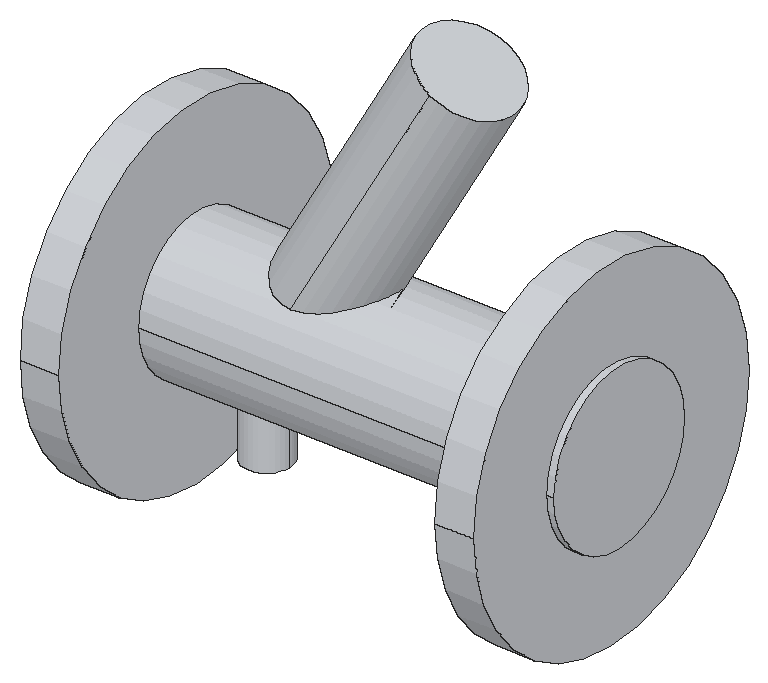
Revit family "HS 821-síto_standard-PN40-DN015-RFA_2018", category Pipe Accessories, Revit 2018
Family settings
  Round Connector Dimension = Use Diameter
  Part Type = Breaks Into
  Work Plane-Based = No
  Always vertical = Yes
  Cut with Voids When Loaded = No
  Shared = No
Parameters (values of type "821F-DN015-PN40-síto_standard")
  magiProductId = "4c7eaf3c4c0340888b3e684d8a8616"
  magiProductFamilyId = "79214ac3aaa945e397802f559f5c1e"
  magiPartTypeId = 307
  isMeasuringValve [instance] = no
  ang2D [instance] = 0.00°
  ZB__ve = -ZB  # -16.25 mm
  ZB1 = 18.225 mm
  ZB = 16.25 mm
  X2 = 46.982 mm
  X1 = 18.2 mm
  W2D = 15 mm
  VersionID = "2.0/2017.9.26.1/ZETKAMA_821_001"
  Use Minimum Symbol Size [instance] = yes
  URL = "www.hydronic.cz"
  Type Comments = "Filtr přírubový; síto standardní; A-PN16 (-10~300°C); D-PN25 (-10~350°C); F-PN40 (-10~400°C)"
  S = 45 mm
  QmdConnectorList = "301;D;302;D"
  Productdata [instance] = ""
  Manufacturer = "Hydronic Systems Prague s.r.o."
  MC Product Code = "240 615 (821F; DN015; PN40; kvs6,3; oko síta 1,00mm)"
  LM1 = 10.4 mm
  LM = 104 mm
  L4 = 32.5 mm
  L2D_Min = 3048 mm
  L2D = 130 mm
  L2 = 65 mm
  HH2 = 81.375 mm
  FD = 95 mm
  Description = "Filtr přírubový; síto standardní; 821A-PN16; 821D-PN25; 821F-PN40"
  DM1 = 27.6 mm
  DM = 40.5 mm
  D = 15 mm
  CC = 2.21 mm
  CAT0 = yes
  C1 = 10.79 mm
  C = 13 mm
  BD = 12.757 mm
Types (40, lengths in mm): name | magiProductId | ZB__ve | ZB1 | ZB | X2 | X1 | S | MC Product Code | LM1 | LM | L4 | L2 | HH2 | FD | DM1 | DM | D | CC | C1 | C | BD
  821A-DN015-PN16-síto_standard | "a71bcfe8b393460598b23e8ddf7dc5" | -16.25 | 18.63 | 16.25 | 46.982 | 18.2 | 46 | "200 115 (821A; DN015; PN16; kvs6,3; oko síta 1,00mm)" | 10.4 | 104 | 32.5 | 65 | 81.375 | 95 | 27.6 | 41.4 | 15 | 2.21 | 10.79 | 13 | 13.041
  821A-DN020-PN16-síto_standard | "41cd6c7a12924f4991217528336076" | -17.75 | 22.68 | 17.75 | 51.673 | 21 | 56 | "200 120 (821A; DN020; PN16; kvs11,2; oko síta 1,00mm)" | 12 | 120 | 37.5 | 75 | 89.5 | 105 | 33.6 | 50.4 | 20 | 2.55 | 12.45 | 15 | 15.876
  821A-DN025-PN16-síto_standard | "be378b463ed14c3abf4c9b3ae8cf3a" | -19.25 | 26.325 | 19.25 | 58.601 | 22.4 | 65 | "200 125 (821A; DN025; PN16; kvs14,7; oko síta 1,00mm)" | 12.8 | 128 | 40 | 80 | 101.5 | 115 | 43.2 | 58.5 | 25 | 2.72 | 13.28 | 16 | 18.427
  821A-DN032-PN16-síto_standard | "227a0d18b21540afabe8b6067d35fa" | -23 | 30.78 | 23 | 68.849 | 25.2 | 76 | "200 132 (821A; DN032; PN16; kvs23,7; oko síta 1,00mm)" | 14.4 | 144 | 45 | 90 | 119.25 | 140 | 50.4 | 68.4 | 32 | 3.06 | 14.94 | 18 | 21.546
  821A-DN040-PN16-síto_standard | "d106917c74724141a10440112d0102" | -24.5 | 34.02 | 24.5 | 75.777 | 28 | 84 | "200 140 (821A; DN040; PN16; kvs37,7; oko síta 1,00mm)" | 16 | 160 | 50 | 100 | 131.25 | 150 | 60 | 75.6 | 40 | 3.4 | 16.6 | 20 | 23.814
  821A-DN050-PN16-síto_standard | "8255d456a09e4f6486734f5dd9171b" | -26.75 | 40.095 | 26.75 | 79.061 | 32.2 | 99 | "200 150 (821A; DN050 PN16; kvs57,9; oko síta 1,00mm)" | 18.4 | 184 | 57.5 | 115 | 136.938 | 165 | 73.8 | 89.1 | 50 | 3.91 | 19.09 | 23 | 28.066
  821A-DN065-PN16-síto_standard | "235b1b3e4c0843779a4d5e3716d40a" | -29.75 | 47.79 | 29.75 | 86.927 | 40.6 | 118 | "200 165 (821A; DN065; PN16; kvs101,5; oko síta 1,25mm)" | 23.2 | 232 | 72.5 | 145 | 150.562 | 185 | 94.2 | 106.2 | 65 | 4.93 | 24.07 | 29 | 33.453
  821A-DN080-PN16-síto_standard | "a067f7c5236348ed8c820d16df7214" | -32 | 53.46 | 32 | 104.753 | 43.4 | 132 | "200 180 (821A; DN080; PN16; kvs147,4; oko síta 1,25mm)" | 24.8 | 248 | 77.5 | 155 | 181.438 | 200 | 107.4 | 118.8 | 80 | 5.27 | 25.73 | 31 | 37.422
  821A-DN100-PN16-síto_standard | "c49a648c2747461285837d643703cd" | -35 | 63.18 | 35 | 114.857 | 49 | 156 | "200 190 (821A; DN100; PN16; kvs209,6; oko síta 1,60mm)" | 28 | 280 | 87.5 | 175 | 198.937 | 220 | 131.4 | 140.4 | 100 | 5.95 | 29.05 | 35 | 44.226
  821A-DN125-PN16-síto_standard | "bf68e728a163493cbd2a663b26ebdc" | -39.5 | 74.52 | 39.5 | 131.888 | 56 | 184 | "200 191 (821A; DN125; PN16; kvs326,2; oko síta 1,60mm)" | 32 | 320 | 100 | 200 | 228.438 | 250 | 165 | 165.6 | 125 | 6.8 | 33.2 | 40 | 52.164
  821A-DN150-PN16-síto_standard | "2de770284b654863ae6bc865769dc5" | -44.75 | 85.455 | 44.75 | 155.885 | 67.2 | 211 | "200 192 (821A; DN150; PN16; kvs403; oko síta 1,60mm)" | 38.4 | 384 | 120 | 240 | 270 | 285 | 192 | 189.9 | 150 | 8.16 | 39.84 | 48 | 59.818
  821A-DN200-PN16-síto_standard | "8e5693371ab64aabb29a7f08c76e15" | -53 | 107.73 | 53 | 188.361 | 84 | 266 | "200 193 (821A; DN200; PN16; kvs707; oko síta 1,60mm)" | 48 | 480 | 150 | 300 | 326.25 | 340 | 252 | 239.4 | 200 | 10.2 | 49.8 | 60 | 75.411
  821A-DN250-PN16-síto_standard | "05e37ed948c34047acdd4c42556504" | -62.75 | 129.195 | 62.75 | 255.911 | 102.2 | 319 | "200 194 (821A; DN250; PN16; kvs1234; oko síta 1,60mm)" | 58.4 | 584 | 182.5 | 365 | 443.25 | 405 | 309.6 | 287.1 | 250 | 12.41 | 60.59 | 73 | 90.436
  821A-DN300-PN16-síto_standard | "9ad0af747269428da925480d83ce80" | -71 | 149.85 | 71 | 325.914 | 119 | 370 | "200 195 (821A; DN300; PN16; kvs1916; oko síta 1,60mm)" | 68 | 680 | 212.5 | 425 | 564.5 | 460 | 369.6 | 333 | 300 | 14.45 | 70.55 | 85 | 104.895
  821A-DN350-PN16-síto_standard | "eebc71459bb3451bb4355e7951370a" | -80 | 173.745 | 80 | 356.875 | 137.2 | 429 | "200 196 (821A; DN350; PN16; kvs2621; oko síta 1,60mm)" | 78.4 | 784 | 245 | 490 | 618.125 | 520 | 438 | 386.1 | 350 | 16.66 | 81.34 | 98 | 121.621
  821A-DN400-PN16-síto_standard | "d2f677cb196647e385b2590e7d8abe" | -89 | 194.4 | 89 | 392.237 | 154 | 480 | "200 197 (821A; DN400; PN16; kvs3460; oko síta 1,60mm)" | 88 | 880 | 275 | 550 | 679.375 | 580 | 498 | 432 | 400 | 18.7 | 91.3 | 110 | 136.08
  821D-DN015-PN25-síto_standard | "27ddcbf555414f8ca1fde329bf9087" | -16.25 | 18.63 | 16.25 | 46.982 | 18.2 | 46 | "200 215 (821D; DN015; PN25; kvs6,3; oko síta 1,00mm)" | 10.4 | 104 | 32.5 | 65 | 81.375 | 95 | 27.6 | 41.4 | 15 | 2.21 | 10.79 | 13 | 13.041
  821D-DN020-PN25-síto_standard | "270e0f14012f47189cd0235c18faee" | -17.75 | 22.68 | 17.75 | 51.673 | 21 | 56 | "200 220 (821D; DN020; PN25; kvs11,2; oko síta 1,00mm)" | 12 | 120 | 37.5 | 75 | 89.5 | 105 | 33.6 | 50.4 | 20 | 2.55 | 12.45 | 15 | 15.876
  821D-DN025-PN25-síto_standard | "b9a7fb4aa36643878c637d8e1ab992" | -19.25 | 26.325 | 19.25 | 58.601 | 22.4 | 65 | "200 225 (821D; DN025; PN25; kvs14,7; oko síta 1,00mm)" | 12.8 | 128 | 40 | 80 | 101.5 | 115 | 43.2 | 58.5 | 25 | 2.72 | 13.28 | 16 | 18.427
  821D-DN032-PN25-síto_standard | "6be9a55c4e68400f94eec7e804204c" | -23 | 30.78 | 23 | 68.849 | 25.2 | 76 | "200 232 (821D; DN032; PN25; kvs23,7; oko síta 1,00mm)" | 14.4 | 144 | 45 | 90 | 119.25 | 140 | 50.4 | 68.4 | 32 | 3.06 | 14.94 | 18 | 21.546
  821D-DN040-PN25-síto_standard | "c54511bd7f584ec2984291479612cb" | -24.5 | 34.02 | 24.5 | 75.777 | 28 | 84 | "200 240 (821D; DN040; PN25; kvs37,7; oko síta 1,00mm)" | 16 | 160 | 50 | 100 | 131.25 | 150 | 60 | 75.6 | 40 | 3.4 | 16.6 | 20 | 23.814
  821D-DN050-PN25-síto_standard | "5483b1f596b04cd39b23a14a22c90e" | -26.75 | 40.095 | 26.75 | 79.061 | 32.2 | 99 | "200 250 (821D; DN050; PN25; kvs57,9; oko síta 1,00mm)" | 18.4 | 184 | 57.5 | 115 | 136.938 | 165 | 73.8 | 89.1 | 50 | 3.91 | 19.09 | 23 | 28.066
  821D-DN065-PN25-síto_standard | "767b0f8318e94750bc7a9930ed5b30" | -29.75 | 47.79 | 29.75 | 86.927 | 40.6 | 118 | "200 265 (821D; DN065; PN25; kvs101,5; oko síta 1,25mm)" | 23.2 | 232 | 72.5 | 145 | 150.562 | 185 | 94.2 | 106.2 | 65 | 4.93 | 24.07 | 29 | 33.453
  821D-DN080-PN25-síto_standard | "e21040fa3cc2404b858198f6b73709" | -32 | 53.46 | 32 | 104.753 | 43.4 | 132 | "200 280 (821D; DN080; PN25; kvs147,4; oko síta 1,25mm)" | 24.8 | 248 | 77.5 | 155 | 181.438 | 200 | 107.4 | 118.8 | 80 | 5.27 | 25.73 | 31 | 37.422
  821D-DN100-PN25-síto_standard | "175ca87a506b40b3bc6b82f12f33cf" | -37.25 | 63.18 | 37.25 | 114.857 | 49 | 156 | "200 290 (821D; DN100; PN25; kvs209,6; oko síta 1,60mm)" | 28 | 280 | 87.5 | 175 | 198.937 | 235 | 131.4 | 140.4 | 100 | 5.95 | 29.05 | 35 | 44.226
  821D-DN125-PN25-síto_standard | "77cc98d60da24855999a22dff726b2" | -42.5 | 74.52 | 42.5 | 131.888 | 56 | 184 | "200 291 (821D; DN125; PN25; kvs326,2; oko síta 1,60mm)" | 32 | 320 | 100 | 200 | 228.438 | 270 | 165 | 165.6 | 125 | 6.8 | 33.2 | 40 | 52.164
  821D-DN150-PN25-síto_standard | "9cf8acfcd15547d68e83172d3abcbe" | -47 | 85.455 | 47 | 155.885 | 67.2 | 211 | "200 292 (821D; DN150; PN25; kvs403; oko síta 1,60mm)" | 38.4 | 384 | 120 | 240 | 270 | 300 | 192 | 189.9 | 150 | 8.16 | 39.84 | 48 | 59.818
  821D-DN200-PN25-síto_standard | "16973f3c9ea14389ba8602495a6b64" | -56 | 110.97 | 56 | 188.361 | 84 | 274 | "200 293 (821D; DN200; PN25; kvs707; oko síta 1,60mm)" | 48 | 480 | 150 | 300 | 326.25 | 360 | 252 | 246.6 | 200 | 10.2 | 49.8 | 60 | 77.679
  821F-DN015-PN40-síto_standard | "4c7eaf3c4c0340888b3e684d8a8616" | -16.25 | 18.225 | 16.25 | 46.982 | 18.2 | 45 | "240 615 (821F; DN015; PN40; kvs6,3; oko síta 1,00mm)" | 10.4 | 104 | 32.5 | 65 | 81.375 | 95 | 27.6 | 40.5 | 15 | 2.21 | 10.79 | 13 | 12.757
  821F-DN020-PN40-síto_standard | "aaac5f1ec96b44d6ba96ac2293d66d" | -17.75 | 23.49 | 17.75 | 51.673 | 21 | 58 | "240 620 (821F; DN020; PN40; kvs11,2; oko síta 1,00mm)" | 12 | 120 | 37.5 | 75 | 89.5 | 105 | 33.6 | 52.2 | 20 | 2.55 | 12.45 | 15 | 16.443
  821F-DN025-PN40-síto_standard | "504768023968471481789485b54c7e" | -19.25 | 27.54 | 19.25 | 58.601 | 22.4 | 68 | "240 625 (821F; DN025; PN40; kvs14,7; oko síta 1,00mm)" | 12.8 | 128 | 40 | 80 | 101.5 | 115 | 43.2 | 61.2 | 25 | 2.72 | 13.28 | 16 | 19.278
  821F-DN032-PN40-síto_standard | "165e7f39cf744f329bdf1c400dad12" | -23 | 31.59 | 23 | 68.849 | 25.2 | 78 | "240 632 (821F; DN032; PN40; kvs23,7; oko síta 1,00mm)" | 14.4 | 144 | 45 | 90 | 119.25 | 140 | 50.4 | 70.2 | 32 | 3.06 | 14.94 | 18 | 22.113
  821F-DN040-PN40-síto_standard | "b8903f952089408fbf3a5a632bab1f" | -24.5 | 35.64 | 24.5 | 75.777 | 28 | 88 | "240 640 (821F; DN040; PN40; kvs37,7; oko síta 1,00mm)" | 16 | 160 | 50 | 100 | 131.25 | 150 | 60 | 79.2 | 40 | 3.4 | 16.6 | 20 | 24.948
  821F-DN050-PN40-síto_standard | "c451f97266fe48da8f879cb6a2bd44" | -26.75 | 41.31 | 26.75 | 79.061 | 32.2 | 102 | "240 650 (821F; DN050; PN40; kvs57,9; oko síta 1,00mm)" | 18.4 | 184 | 57.5 | 115 | 136.938 | 165 | 73.8 | 91.8 | 50 | 3.91 | 19.09 | 23 | 28.917
  821F-DN065-PN40-síto_standard | "dc9821e3f9b34e128f6a8c6b34c198" | -29.75 | 49.41 | 29.75 | 86.927 | 40.6 | 122 | "240 665 (821F; DN065; PN40; kvs101,5; oko síta 1,25mm)" | 23.2 | 232 | 72.5 | 145 | 150.562 | 185 | 94.2 | 109.8 | 65 | 4.93 | 24.07 | 29 | 34.587
  821F-DN080-PN40-síto_standard | "689aa1e260f84cf4994f027a1d86b5" | -32 | 55.89 | 32 | 104.753 | 43.4 | 138 | "240 680 (821F; DN080; PN40; kvs147,4; oko síta 1,25mm)" | 24.8 | 248 | 77.5 | 155 | 181.438 | 200 | 107.4 | 124.2 | 80 | 5.27 | 25.73 | 31 | 39.123
  821F-DN100-PN40-síto_standard | "8a45d4e8e2ab425f8c432f21d684f3" | -37.25 | 65.61 | 37.25 | 114.857 | 49 | 162 | "240 690 (821F; DN100; PN40; kvs209,6; oko síta 1,6mm)" | 28 | 280 | 87.5 | 175 | 198.937 | 235 | 131.4 | 145.8 | 100 | 5.95 | 29.05 | 35 | 45.927
  821F-DN125-PN40-síto_standard | "cf073904c006406b8645afa67ea2fc" | -42.5 | 76.14 | 42.5 | 131.888 | 56 | 188 | "240 691 (821F; DN125; PN40; kvs326,2; oko síta 1,6mm)" | 32 | 320 | 100 | 200 | 228.438 | 270 | 165 | 169.2 | 125 | 6.8 | 33.2 | 40 | 53.298
  821F-DN150-PN40-síto_standard | "0153b9ddabe14992a630484929fdbc" | -47 | 88.29 | 47 | 155.885 | 67.2 | 218 | "240 692 (821F; DN150; PN40; kvs403; oko síta 1,6mm)" | 38.4 | 384 | 120 | 240 | 270 | 300 | 192 | 196.2 | 150 | 8.16 | 39.84 | 48 | 61.803
  821F-DN200-PN40-síto_standard | "7fb3fc01dd8d42428c203e3f8dd4d5" | -56 | 115.425 | 56 | 188.361 | 84 | 285 | "240 693 (821F; DN200; PN40; kvs707; oko síta 1,6mm)" | 48 | 480 | 150 | 300 | 326.25 | 360 | 252 | 256.5 | 200 | 10.2 | 49.8 | 60 | 80.797
Reference planes
  plane 1 "Center (Front/Back)": y = 0
  plane 2 "XYPLANE": z = 0
  plane 3 "Center (Left/Right)": x = 0
  plane 4 "109": x = -41.6
  plane 5 "108": x = 52
  plane 6 "107": x = -52
  plane 7 "105": x = 65
  plane 8 "104": x = -65
  plane 9 "103": y = 0
  plane 10 "102": z = 0
  plane 11 "101": x = -62.79
  plane 12 "100": x = 62.79
  plane 13 "11": x = -23.4
  plane 14 "10": z = 81.375
  plane 15 "9": x = 23.582
  plane 16 "5": z = -18.225
  plane 17 "4": x = -32.5
  plane 18 "1": x = 32.5
Forms (mm)
  Extrusion 1, solid, visible <- "CAT0"
    sketch origin (-52, -750, 0) x (0, 1, 0) y (0, 0, 1)
      loop
        circle (750, 0) r 20.25
    from 0 to 104 <- "LM"
  Extrusion 2, solid
    sketch origin (-65, -750, 0) x (0, 1, 0) y (0, 0, 1)
      loop
        circle (750, 0) r 22.5
    from 0 to 2.21 <- "CC"
  Extrusion 3, solid
    sketch origin (-62.79, -750, 0) x (0, 1, 0) y (0, 0, 1)
      loop
        circle (750, 0) r 47.5
    from 0 to 10.79 <- "C1"
  Extrusion 4, solid
    sketch origin (52, -750, 0) x (0, 1, 0) y (0, 0, 1)
      loop
        circle (750, 0) r 47.5
    from 0 to 10.79 <- "C1"
  Extrusion 5, solid
    sketch origin (62.79, -750, 0) x (0, 1, 0) y (0, 0, 1)
      loop
        circle (750, 0) r 22.5
    from 0 to 2.21 <- "CC"
  Sweep 6, solid, visible <- "CAT0"
    path origin (750, 0, 0) x (-1, 0, 0) y (0, 0, 1)
      loop
        line (802, 0) -> (773.4, 0) -> (726.418, 81.375)
    profile origin (-52, 0, 0) x (0, 0, -1) y (0, 1, 0)
      loop
        circle (0, 0) r 13.8
  Extrusion 7, solid, visible <- "CAT0"
    sketch origin (-750, 0, -18.225) x (1, 0, 0) y (0, 1, 0)
      loop
        circle (717.5, 0) r 6.379
    from 0 to -16.25 <- "ZB__ve"
  Extrusion 8, solid, visible <- "CAT0"
    sketch origin (-750, 0, -18.225) x (1, 0, 0) y (0, 1, 0)
      loop
        circle (782.5, 0) r 6.379
    from 0 to -16.25 <- "ZB__ve"
  Extrusion 9, solid, not visible
    sketch origin (65, -750, 0) x (0, 1, 0) y (0, 0, 1)
      loop
        circle (750, 0) r 10
    from 0 to -10
  Extrusion 10, solid, not visible
    sketch origin (-65, -750, 0) x (0, 1, 0) y (0, 0, 1)
      loop
        circle (750, 0) r 10
    from 0 to 10
Lines and regions (mm)
  reference lines, not visible
    curve 1: circle (2, 2, 0) r 1 normal (0, 0, 1)
Dimensions and locks
  plane 1 "Center (Front/Back)" to curve 1 = 2 mm
  "LM1": plane 6 "107" to plane 4 "109"
  "LM": plane 6 "107" to plane 5 "108"
  "C": plane 8 "104" to plane 6 "107"
  "L2": plane 3 "Center (Left/Right)" to plane 7 "105"
  "L2": plane 3 "Center (Left/Right)" to plane 8 "104"
  locked: plane 1 "Center (Front/Back)" to plane 9 "103"
  locked: plane 2 "XYPLANE" to plane 10 "102"
  "CC": plane 8 "104" to plane 11 "101"
  "C1": plane 5 "108" to plane 12 "100"
  "X1": plane 4 "109" to plane 13 "11"
  "HH2": plane 2 "XYPLANE" to plane 14 "10"
  "X2": plane 13 "11" to plane 15 "9"
  "ZB1": plane 2 "XYPLANE" to plane 16 "5"
  "L4": plane 8 "104" to plane 17 "4"
  "L2": plane 17 "4" to plane 18 "1"
  Sweep 6 sketch curve to Sweep 6 sketch curve = 0 mm  (x2)
  "DM": diameter of Extrusion 1 sketch curve
  "S": diameter of Extrusion 2 sketch curve
  "FD": diameter of Extrusion 3 sketch curve
  "FD": diameter of Extrusion 4 sketch curve
  "S": diameter of Extrusion 5 sketch curve
  "DM1": diameter of Sweep 6 sketch curve
  "BD": diameter of Extrusion 7 sketch curve
  "BD": diameter of Extrusion 8 sketch curve
  aligned and locked: level to plane 2 "XYPLANE"
  aligned and locked: Extrusion 1 sketch curve to plane 9 "103"
  aligned and locked: plane 10 "102" to Extrusion 1 sketch curve
  aligned and locked: Extrusion 2 sketch curve to plane 9 "103"
  aligned and locked: plane 10 "102" to Extrusion 2 sketch curve
  aligned and locked: Extrusion 3 sketch curve to plane 9 "103"
  aligned and locked: plane 10 "102" to Extrusion 3 sketch curve
  aligned and locked: Extrusion 4 sketch curve to plane 9 "103"
  aligned and locked: plane 10 "102" to Extrusion 4 sketch curve
  aligned and locked: Extrusion 5 sketch curve to plane 9 "103"
  aligned and locked: plane 10 "102" to Extrusion 5 sketch curve
  aligned and locked: Sweep 6 sketch curve to plane 9 "103"
  aligned and locked: plane 10 "102" to Sweep 6 sketch curve  (x3)
  aligned and locked: plane 6 "107" to Sweep 6 sketch curve
  aligned and locked: plane 13 "11" to Sweep 6 sketch curve
  aligned and locked: plane 14 "10" to Sweep 6 sketch curve
  aligned and locked: plane 15 "9" to Sweep 6 sketch curve
  aligned and locked: plane 9 "103" to Extrusion 7 sketch curve
  aligned and locked: plane 17 "4" to Extrusion 7 sketch curve
  aligned and locked: plane 9 "103" to Extrusion 8 sketch curve
  aligned and locked: plane 18 "1" to Extrusion 8 sketch curve
  aligned and locked: Extrusion 9 sketch curve to plane 9 "103"
  aligned and locked: plane 10 "102" to Extrusion 9 sketch curve
  aligned and locked: Extrusion 10 sketch curve to plane 9 "103"
  aligned and locked: plane 10 "102" to Extrusion 10 sketch curve
Automatic sketch dimensions
  plane 1 "Center (Front/Back)" to Extrusion 9 sketch curve = 10 mm
  plane 1 "Center (Front/Back)" to Extrusion 10 sketch curve = 10 mm
  plane 3 "Center (Left/Right)" to curve 1 = 2 mm
  radius of curve 1 = 1 mm
Connectors
  piping at (-65, 0, 0), diameter 15, driven by "D"
    settings: on Extrusion 10, index 1, connector inside diameter 609.6 mm, connector length 0 mm, flow factor 0, pipe flow 0.0 L/s, pressure drop 0.0 Pa, fitting loss kfactor 0, connector angle 0.00°, fixture units 0, engagement length 0 mm, angle of deflection 0.00°, flow configuration 0, flow direction 0, fitting loss method 0, system type 29, joint type 0, gender type 0, connector reference index 2, connector utility 0, adjustable connector no, is connector primary yes, connector description ""
  piping at (65, 0, 0), diameter 15, driven by "D"
    settings: on Extrusion 9, index 2, connector inside diameter 609.6 mm, connector length 0 mm, flow factor 0, pipe flow 0.0 L/s, pressure drop 0.0 Pa, fitting loss kfactor 0, connector angle 0.00°, fixture units 0, engagement length 0 mm, angle of deflection 0.00°, flow configuration 0, flow direction 0, fitting loss method 0, system type 29, joint type 0, gender type 0, connector reference index 1, connector utility 0, adjustable connector no, is connector primary no, connector description ""
